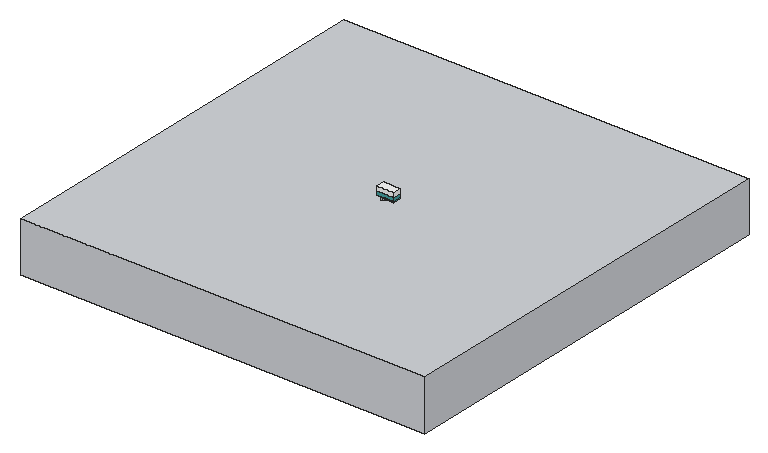
Revit family "Gira_217600", category Elektroinstallationen, Revit 2017
Family settings
  Basisbauteil = Fläche
  Beschriftungsausrichtung beibehalten = Nein
  Bemaßung runder Anschluss = Durchmesser verwenden
  Teiletyp = Normal
  Beim Laden mit Abzugskörper schneiden = Nein
  Gemeinsam genutzt = Nein
  Raumberechnungspunkt = Nein
Parameters
  Default Elevation = 1219.2 mm
  URL = "https://www.gira.de/"
  Typname = "Servo 3 KNX"
  Radio frequent bidirectional = no
  Productwebsite = "http://katalog.gira.de/en/datenblatt.html?artikelnr=217600"
  Other bus systems = "None"
  Mounting method = "Radiator valve"
  Hersteller = "Gira"
  HAN = "217600"
  GTIN = "4010337019374"
  Degree of protection (IP) = "IP20"
  Data sheet = "https://katalog.gira.de/en/download.html?artikelnr=217600"
  Bus system radio frequent = no
  Bus system Powernet = no
  Bus system LON = no
  Bus system KNX radio = no
  Bus system KNX = yes
  Bus connection included = no
  Beschreibung = "KNX servo 3 KNX,KNX servo 3,,,Features:,- Electric motor-driven servo with one binary input (zero-voltage) for mounting on thermostat valve bases (recommended: Heimeier) for controlling heating or cooling systems.,- Suitable for room temperature control, e.g. on radiators, convector heaters or heating circuit distributors on floor heating, etc.,- Screwed onto valve head.,- M30 × 1.5 mm connection.,- Integrated bus coupler. The servo is a proportional drive and can be directly integrated into the KNX system (without additional bus coupler).,- Supply voltage is drawn from the KNX system.,- Integrated temperature sensor.,- Integrated room temperature controller.,- Mechanical indicator for valve travel.,- Automatic detection of valve travel.,- One input. This can be used as a binary input or for connecting an external temperature sensor with the following functions:,  Switching, dimming, blind, as dimming value transmitter, as brightness value transmitter, as light scene auxiliary unit with and without memory function, as remote temperature sensor or as temperature limiter for underfloor heating.,- Switching function: two independent switching objects are available for each input (switching commands can parameterised individually), command for leading and trailing edge can be set independently (ON, OFF, CHANGE, no reaction).,- Dimming function: Single and double-surface operation, time between dimming and switching, telegram repetition and stop-telegram transmission possible.,- Blind function: Command can be set with rising edge (no function, UP, DOWN, CHANGE), operating concept can be configured (Step - Move - Step or Move - Step), time between short and long-term operation can be set (only with Step - Move - Step), slat adjustment time can be set.,- Value transmitter function: Edge (button as NO contact, button as NC contact, switch) and value with edge can be configured, value adjustment by pressing and holding a button for value transmitters possible.,- Lighting scenario auxiliary unit with or without memory function.,- Can be used in a heating circuit distributor.,- Protection against jammed valves,- Corrected variable (1 bit or 1 byte).,- Cyclical monitoring of the corrected variable.,- Fault message object for drive faults.,- Emergency operation via internal temperature sensor.,- 2 forced settings or 1 forced setting and 1 limit value object can be set.,- Minimum and maximum variable limit can be set.,,Notes :,- With the default setting, the servo fits on Heimeier valve bases. Use an adapter for valve bases of other manufacturers."
  BIM = "https://media.stage.bim.site/public/gira/ad86d9f/Stellenantrieb.rfa"
Reference planes
  plane 1 "Center (Front/Back)": y = 0
  plane 2: z = 0
  plane 3 "Center (Left/Right)": x = 0
Forms (mm)
  Extrusion 1, solid
    sketch origin (0, 0, 0) x (1, 0, 0) y (0, 1, 0)
      loop
        line (-1219.2, 1219.2) -> (-1219.2, -1219.2) -> (1219.2, -1219.2) -> (1219.2, 1219.2) -> (-1219.2, 1219.2)
    from 0 to -304.8
  Extrusion 2, solid, material "Metal", detail levels medium+fine
    sketch origin (0, 0, 0) x (1, 0, 0) y (0, 1, 0)
      loop
        circle (0, 0) r 16.5
    from 0 to 10
  Extrusion 3, solid, detail levels medium+fine
    sketch origin (0, 0, 0) x (1, 0, 0) y (0, 1, 0)
      loop
        circle (0, 0) r 12.75
    from 10 to 22
  Extrusion 4, solid, material "Blue", detail levels fine
    sketch origin (21.5, 24.143, 14) x (1, 0, 0) y (0, 1, 0)
      loop
        line (0, -1.243) -> (0, -47.043) -> (56.5, -47.043) -> (56.5, -1.243) -> (0, -1.243)
    from 0 to 8
  Extrusion 5, solid, material "Blue", detail levels fine
    sketch origin (0, -1.999, -8) x (1, 0, 0) y (0, 1, 0)
      loop
        line (78, -20.901) -> (78, 24.899) -> (-24, 24.899) -> (-24, -20.901) -> (78, -20.901)
    from 30 to 49.5
  Extrusion 6, solid, material "White", detail levels medium+fine
    sketch origin (0, -1.999, 11.5) x (1, 0, 0) y (0, 1, 0)
      loop
        line (78, -20.901) -> (78, 24.899) -> (-24, 24.899) -> (-24, -20.901) -> (78, -20.901)
    from 30 to 59
  Extrusion 7, solid, material "Blue", detail levels medium
    sketch origin (0, -1.999, -8) x (1, 0, 0) y (0, 1, 0)
      loop
        line (78, -20.901) -> (78, 24.899) -> (-24, 24.899) -> (-24, -20.901) -> (78, -20.901)
    from 22 to 49.5
  Extrusion 8, solid, material "White", detail levels coarse
    sketch origin (0, -1.999, 11.5) x (1, 0, 0) y (0, 1, 0)
      loop
        line (78, -20.901) -> (78, 24.899) -> (-24, 24.899) -> (-24, -20.901) -> (78, -20.901)
    from -11.5 to 59
Dimensions and locks
  aligned and locked: plane 2 to Extrusion 1
  aligned and locked: level to Extrusion 1
Connectors
  electrical at (0, 0, 0)
    settings: on Extrusion 2, index 1, voltage 220 V, apparent load 0 VA, apparent load phase1 0 VA, apparent load phase2 0 VA, apparent load phase3 0 VA, power factor 1, load classification "Other", number of poles 1, system type 30, power factor state 1, is connector primary yes, connector utility no, sub classification motor no, connector description ""
